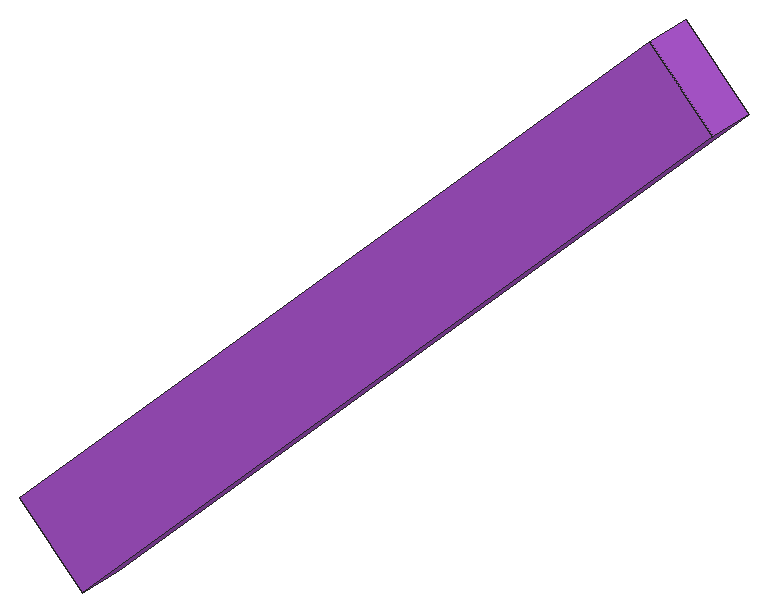
Revit family "ケーブルトレイサポート_溝形鋼", category Generic Models, Revit 2023
Family settings
  Can host rebar = No
  Round Connector Dimension = Use Diameter
  Part Type = Normal
  Work Plane-Based = Yes
  Always vertical = No
  Cut with Voids When Loaded = No
  Maintain Annotation Orientation = No
  Shared = No
  Room Calculation Point = No
Parameters (values of type "C 100 x 50")
  高さ = 100 mm
  長辺 [instance] = 長さ  # 1000 mm
  長さ [instance] = 1000 mm
  部屋名 = ""
  角度 [instance] = 45.00°
  Default Elevation = 1219.2 mm
  構造マテリアル = E304_ケーブルトレイサポート
  幅 = 50 mm
Types (10, lengths in mm): name | 高さ | 幅
  C 100 x 50 | 100 | 50
  C 125 x 65 | 125 | 65
  C 150 x 75 | 150 | 75
  C 180 x 75 | 180 | 75
  C 200 x 80 | 200 | 80
  C 200 x 90 | 200 | 90
  C 250 x 90 | 250 | 90
  C 300 x 90 | 300 | 90
  C 380 x 100 | 380 | 100
  C 75 x 40 | 75 | 40
Reference planes
  plane 1 "中心(正面/背面)": y = 0
  plane 2: z = 0
  plane 3 "中心(左/右)": x = 0
Lines and regions (mm)
  reference lines
    curve 1: line (0, 0, 0) -> (777.817, 0, 777.817)
    curve 2: line (35.355, 0, -35.355) -> (-35.355, 0, 35.355)
    curve 3: line (742.462, 0, 671.751) -> (671.751, 0, 742.462)
Dimensions and locks
  equal spacing: curve 2, curve 1, curve 2
  "高さ": curve 2 to curve 2
  equal spacing: curve 3, curve 1, curve 3
  "高さ": curve 3 to curve 3
  "長さ": curve 3 to curve 2
  "角度": angle level to curve 1
  angle curve 2 to curve 1 = 90.00°
  angle curve 3 to curve 1 = 90.00°
  aligned and locked: level to plane 2
  aligned and locked: level to curve 1
  aligned and locked: plane 3 "中心(左/右)" to curve 1
  aligned and locked: nested 1 to curve 1
Nested families
  nested 1: "溝形鋼" at (-35.355, 0, 35.355) x (0, 1, 0) z (0.7071, 0, -0.7071), 長さ <- "長さ", type "C 100 x 50"
    with 長辺 1000 mm, 長さ 1000 mm, 高さ 100 mm, 幅 50 mm
Definition of nested family "溝形鋼"
  Parameters (values of type "Ｈ 150 x 150")
    高さ = 150 mm
    長辺 [instance] = 長さ  # 500 mm
    長さ [instance] = 500 mm
    部屋名 = ""
    Default Elevation = 1219.2 mm
    構造マテリアル = none
    幅 = 150 mm
  Types (33, lengths in mm): name | 高さ | 長辺 | 長さ | 幅
    Ｈ 900 x 300 | 900 | 1000 | 1000 | 300
    Ｈ 800 x 300 | 800 | 1000 | 1000 | 300
    Ｈ 700 x 300 | 700 | 1000 | 1000 | 300
    Ｈ 588 x 300 | 588 | 1000 | 1000 | 300
    Ｈ 600 x 200 | 600 | 1000 | 1000 | 200
    Ｈ 488 x 300 | 488 | 1000 | 1000 | 300
    Ｈ 500 x 200 | 500 | 1000 | 1000 | 200
    Ｈ 440 x 300 | 440 | 1000 | 1000 | 300
    Ｈ 450 x 200 | 450 | 1000 | 1000 | 200
    Ｈ 400 x 400 | 400 | 1000 | 1000 | 400
    Ｈ 390 x 300 | 390 | 1000 | 1000 | 300
    Ｈ 400 x 200 | 400 | 1000 | 1000 | 200
    Ｈ 350 x 350 | 350 | 1000 | 1000 | 350
    Ｈ 340 x 250 | 340 | 1000 | 1000 | 250
    Ｈ 294 x 200 | 294 | 1000 | 1000 | 200
    Ｈ 244 x 175 | 244 | 1000 | 1000 | 175
    Ｈ 350 x 175 | 350 | 1000 | 1000 | 175
    Ｈ 300 x 300 | 300 | 1000 | 1000 | 300
    Ｈ 300 x 150 | 300 | 500 | 500 | 150
    Ｈ 250 x 250 | 250 | 500 | 500 | 250
    Ｈ 250 x 125 | 250 | 500 | 500 | 125
    Ｈ 200 x 200 | 200 | 500 | 500 | 200
    Ｈ 194 x 150 | 194 | 500 | 500 | 150
    Ｈ 200 x 100 | 200 | 500 | 500 | 100
    Ｈ 175 x 175 | 175 | 500 | 500 | 175
    Ｈ 175 x 90 | 175 | 500 | 500 | 90
    Ｈ 150 x 150 | 150 | 500 | 500 | 150
    Ｈ 148 x 100 | 148 | 500 | 500 | 100
    Ｈ 150 x 75 | 150 | 500 | 500 | 75
    Ｈ 125 x 125 | 125 | 500 | 500 | 125
    Ｈ 125 x 60 | 125 | 500 | 500 | 60
    Ｈ 100 x100 | 100 | 500 | 500 | 100
    Ｈ 100 x 50 | 100 | 500 | 500 | 50
  Reference planes
    plane 1 "中心(正面/背面)": y = 0
    plane 2: z = 0
    plane 3 "中心(左/右)": x = 0
    plane 4: z = 75
    plane 5: z = 150
  Forms (mm)
    Extrusion 1, solid, material <- "構造マテリアル"
      sketch origin (0, 0, 0) x (1, 0, 0) y (0, 1, 0)
        loop
          line (-75, 500) -> (-75, 0) -> (75, 0) -> (75, 500) -> (-75, 500)
      from 0 to 150
  Lines and regions (mm)
    reference lines
      curve 1: line (75, 500, 0) -> (-75, 500, 0)
      curve 2: line (75, 0, 0) -> (-75, 0, 0)
  Dimensions and locks
    "長さ": curve 1 to curve 2
    "幅": Extrusion 1 to Extrusion 1
    equal spacing: Extrusion 1, plane 3 "中心(左/右)", Extrusion 1
    "幅": curve 1 to curve 1
    equal spacing: curve 1, plane 3 "中心(左/右)", curve 1
    "幅": curve 2 to curve 2
    equal spacing: curve 2, plane 3 "中心(左/右)", curve 2
    equal spacing: plane 5, plane 4, level
    "高さ": plane 5 to level
    aligned and locked: level to plane 2
    aligned and locked: Extrusion 1 to curve 2
    aligned and locked: curve 1 to Extrusion 1
    aligned and locked: plane 5 to Extrusion 1
  Automatic sketch dimensions
    Extrusion 1 sketch curve to plane 3 "中心(左/右)" = 75 mm
    plane 3 "中心(左/右)" to Extrusion 1 sketch curve = 75 mm
    plane 1 "中心(正面/背面)" to Extrusion 1 sketch curve = 0 mm
    Extrusion 1 sketch curve to plane 1 "中心(正面/背面)" = 500 mm
    plane 1 "中心(正面/背面)" to curve 2 = 0 mm
